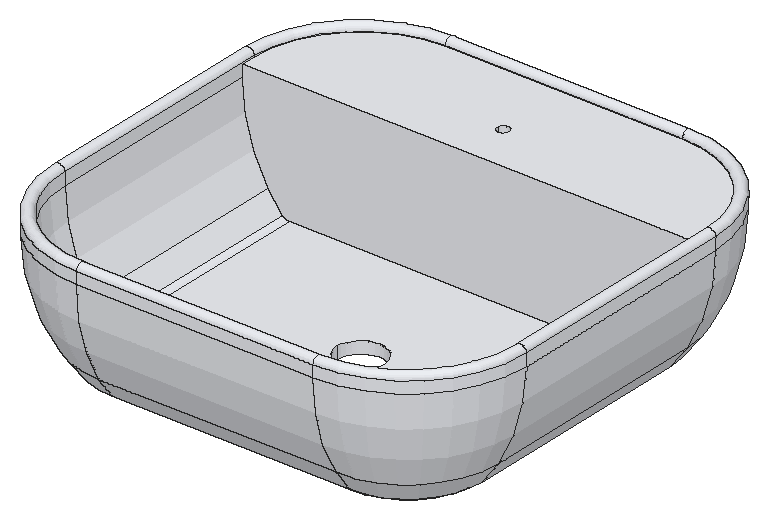
Revit family "PX_WHB_LECICO_Adesso-Limpopoi_PC-CTOP027", category Plumbing Fixtures, Revit 2016
Family settings
  Part Type = Normal
  Round Connector Dimension = Use Diameter
  OmniClass Number = 23.45.05.14.31.11
  OmniClass Title = Patients Combination Toilets
  Work Plane-Based = No
  Always vertical = Yes
  Cut with Voids When Loaded = No
  Shared = No
  Room Calculation Point = No
Parameters (values of type "LECICO WHB Adesso Limpop PC CTOP027")
  Weight WC = 8.40 kg
  WHB Height = 600 mm
  WHB Distance From Wall = 120 mm
  WCPorcelain = Adesso Porcelain
  URL = "https://www.lecicosa.co.za/product/limpopo/"
  Type Comments = "TAP HOLE OPTIONS: 1 TAP HOLE"
  Tolani Civil Projects cc = "www.tcpbim.co.za"
  Model = "CTOP027"
  Manufacturer = "Lecico (Pty) Ltd"
  Created By = "Tolani Civil Projects cc"
Reference planes
  plane 1 "Center (Front/Back)": y = 0
  plane 2: z = 0
  plane 3 "Center (Left/Right)": x = 0
  plane 4: z = 600
  plane 5: y = -120
Forms (mm)
  Sweep 1, solid, material "Adesso Porcelain" <- "WCPorcelain"
    path origin (0, 0, 0) x (1, 0, 0) y (0, 1, 0)
      loop
        line (-200, -220) -> (-200, -420)
        arc (-200, -420) -> (-170.711, -490.711) -> (-100, -520) r 100
        line (-100, -520) -> (100, -520)
        arc (100, -520) -> (170.711, -490.711) -> (200, -420) r 100
        line (200, -420) -> (200, -220)
        arc (200, -220) -> (170.711, -149.289) -> (100, -120) r 100
        line (100, -120) -> (-100, -120)
        arc (-100, -120) -> (-170.711, -149.289) -> (-200, -220) r 100
    profile origin (-200, -320, 0) x (1, 0, 0) y (0, 0, 1)
      loop
        arc (0, 705) -> (5.973, 662.5) -> (23.429, 623.293) r 154.188
        arc (23.429, 623.293) -> (29.917, 613.727) -> (37.104, 604.675) r 154.188
        arc (37.104, 604.675) -> (43.154, 601.24) -> (50, 600) r 20.729
        line (50, 600) -> (50, 610.001)
        arc (50, 610.001) -> (46.871, 610.534) -> (44.035, 611.959) r 10.729
        arc (44.035, 611.959) -> (37.675, 620.059) -> (31.91, 628.592) r 144.188
        arc (31.91, 628.592) -> (15.586, 665.256) -> (10, 705) r 144.188
        line (10, 705) -> (10, 715)
        arc (10, 715) -> (5, 720) -> (0, 715) r 5
        line (0, 715) -> (0, 705)
  Extrusion 2, solid, material "Adesso Porcelain" <- "WCPorcelain"
    sketch origin (0, 0, 0) x (1, 0, 0) y (0, 1, 0)
      loop
        arc (-100, -170) -> (-135.355, -184.645) -> (-150, -220) r 50
        line (-150, -220) -> (-150, -420)
        arc (-150, -420) -> (-135.355, -455.355) -> (-100, -470) r 50
        line (-100, -470) -> (100, -470)
        arc (100, -470) -> (135.355, -455.355) -> (150, -420) r 50
        line (150, -420) -> (150, -220)
        arc (150, -220) -> (135.355, -184.645) -> (100, -170) r 50
        line (100, -170) -> (-100, -170)
      loop
        circle (0, -345) r 20
    from 600 to 610.001
  Extrusion 3, solid, material "Adesso Porcelain" <- "WCPorcelain"
    sketch origin (0, 0, 0) x (1, 0, 0) y (0, 0, 1)
      loop
        arc (150, 610.001) -> (153.139, 610.503) -> (155.965, 611.959) r 10.063
        arc (155.965, 611.959) -> (182.975, 660.1) -> (190.051, 714.845) r 145.108
        line (190.051, 714.845) -> (-190.051, 714.845)
        arc (-190.051, 714.845) -> (-182.975, 660.1) -> (-155.965, 611.959) r 145.108
        arc (-155.965, 611.959) -> (-153.139, 610.503) -> (-150, 610.001) r 10.063
        line (-150, 610.001) -> (150, 610.001)
    from 129.926 to 233.271
  Sweep 4, void
    path origin (0, 0, 0) x (1, 0, 0) y (0, 1, 0)
      loop
        arc (-162.896, -420) -> (-144.474, -464.474) -> (-100, -482.896) r 62.896
        line (-100, -482.896) -> (100, -482.896)
        arc (100, -482.896) -> (144.474, -464.474) -> (162.896, -420) r 62.896
        line (162.896, -420) -> (162.896, -220)
        arc (162.896, -220) -> (144.474, -175.526) -> (100, -157.104) r 62.896
        line (100, -157.104) -> (-100, -157.104)
        arc (-100, -157.104) -> (-144.474, -175.526) -> (-162.896, -220) r 62.896
        line (-162.896, -220) -> (-162.896, -420)
    profile origin (-162.896, -320, 0) x (-1, 0, 0) y (0, 0, 1)
      loop
        line (-12.891, 600) -> (81.668, 600) -> (81.668, 725) -> (32.104, 725) -> (32.104, 720) -> (32.104, 705)
        arc (32.104, 705) -> (26.324, 663.878) -> (9.434, 625.942) r 149.188
        arc (9.434, 625.942) -> (3.296, 616.877) -> (-3.49, 608.287) r 149.188
        arc (-3.49, 608.287) -> (-7.924, 605.88) -> (-12.891, 605) r 15.729
        line (-12.891, 605) -> (-12.891, 600)
  Extrusion 5, void
    sketch origin (0, 0, 0) x (1, 0, 0) y (0, 1, 0)
      loop
        circle (0, -194.349) r 5
    from 710.001 to 714.845
Cuts and joins
  joined: Sweep 1, Extrusion 2
  Sweep 4, Extrusion 5 cuts Extrusion 3
Dimensions and locks
  "WHB Height": plane 4 to level
  locked: Sweep 1 sketch curve to plane 3 "Center (Left/Right)" at 200
  locked: Sweep 1 sketch curve to Sweep 1 sketch curve at 400  (x2)
  locked: plane 5 to Extrusion 2 sketch curve at 225
  Extrusion 3 sketch curve to Extrusion 3 sketch curve to Extrusion 3 sketch curve to plane 3 "Center (Left/Right)" to Extrusion 3 sketch curve to Extrusion 3 sketch curve to Extrusion 3 sketch curve = 34.087 mm locked, 5.965 mm locked, 150 mm locked, 150 mm locked, 5.965 mm locked, 34.087 mm locked
  Extrusion 3 sketch curve to Extrusion 3 sketch curve to cut or joined group of Sweep 1, Extrusion 2 to plane 4 = 102.885 mm locked, 1.958 mm locked, 10.001 mm locked
  locked: Sweep 4 sketch curve to plane 4 at 125
  locked: plane 5 to Extrusion 3 at 9.926
  plane 3 "Center (Left/Right)" to Sweep 4 sketch curve to Sweep 4 sketch curve to Sweep 4 sketch curve = 150.005 mm locked, 44.995 mm locked, 49.564 mm locked
  locked: cut or joined group of Extrusion 3, Sweep 4, Extrusion 5 to Extrusion 5 sketch curve at 38.922
  cut or joined group of Extrusion 3, Sweep 4, Extrusion 5 to Extrusion 5 to plane 4 = 4.844 mm locked, 110.001 mm locked
  locked: cut or joined group of Sweep 1, Extrusion 2 to plane 4 at 10.001
  Sweep 1 sketch curve to Sweep 1 sketch curve to plane 4 = 104.999 mm locked, 10.001 mm locked
  "WHB Distance From Wall": plane 1 "Center (Front/Back)" to plane 5
  locked: plane 5 to cut or joined group of Extrusion 3, Sweep 4, Extrusion 5 at 113.271
  aligned and locked: level to plane 2
  aligned and locked: Sweep 1 sketch curve to plane 5
  aligned and locked: Extrusion 2 sketch curve to Sweep 1  (x4)
  aligned and locked: plane 3 "Center (Left/Right)" to Extrusion 2 sketch curve
  aligned and locked: Extrusion 2 to Sweep 1
  aligned and locked: Extrusion 2 to plane 4
  aligned and locked: Sweep 4 sketch curve to cut or joined group of Sweep 1, Extrusion 2  (x4)
  aligned and locked: plane 4 to Sweep 4 sketch curve
  aligned and locked: plane 3 "Center (Left/Right)" to Extrusion 5 sketch curve
  aligned and locked: Extrusion 3 to Extrusion 5
Automatic sketch dimensions
  Sweep 1 sketch curve to plane 3 "Center (Left/Right)" = 100 mm  (x2)
  plane 3 "Center (Left/Right)" to Sweep 1 sketch curve = 100 mm  (x2)
  Sweep 1 sketch curve to Sweep 1 sketch curve = 0 mm  (x8)
  profile plane to Sweep 1 sketch curve = 0 mm
  Sweep 1 sketch curve to Sweep 1 sketch curve = 5 mm
  Sweep 1 sketch curve to profile plane = 50 mm
  Sweep 1 sketch curve to Sweep 1 sketch curve = 0.218 mm
  Sweep 1 sketch curve to Sweep 1 sketch curve = 103.97 mm
  Sweep 1 sketch curve to Sweep 1 sketch curve = 10.001 mm
  Sweep 1 sketch curve to Sweep 1 sketch curve = 10.727 mm
  Sweep 1 sketch curve to Sweep 1 sketch curve = 10 mm
  Sweep 1 sketch curve to Sweep 1 sketch curve = 13.674 mm
  Sweep 1 sketch curve to Sweep 1 sketch curve = 8.48 mm
  Extrusion 3 sketch curve to plane 3 "Center (Left/Right)" = 45.23 mm
  plane 3 "Center (Left/Right)" to Extrusion 3 sketch curve = 45.23 mm
  Extrusion 3 sketch curve to Extrusion 3 sketch curve = 1.958 mm
  Extrusion 3 sketch curve to Extrusion 3 sketch curve = 10.063 mm
  Sweep 4 sketch curve to Sweep 4 sketch curve = 0 mm  (x2)
  profile plane to Sweep 4 sketch curve = 13.114 mm
  profile plane to Sweep 4 sketch curve = 117.085 mm
  Sweep 4 sketch curve to Sweep 4 sketch curve = 5 mm  (x2)
  Sweep 4 sketch curve to Sweep 4 sketch curve = 15.727 mm
  Sweep 4 sketch curve to Sweep 4 sketch curve = 84.272 mm
  Sweep 4 sketch curve to profile plane = 9.434 mm
  radius of Extrusion 2 sketch curve = 20 mm
  radius of Extrusion 5 sketch curve = 5 mm
